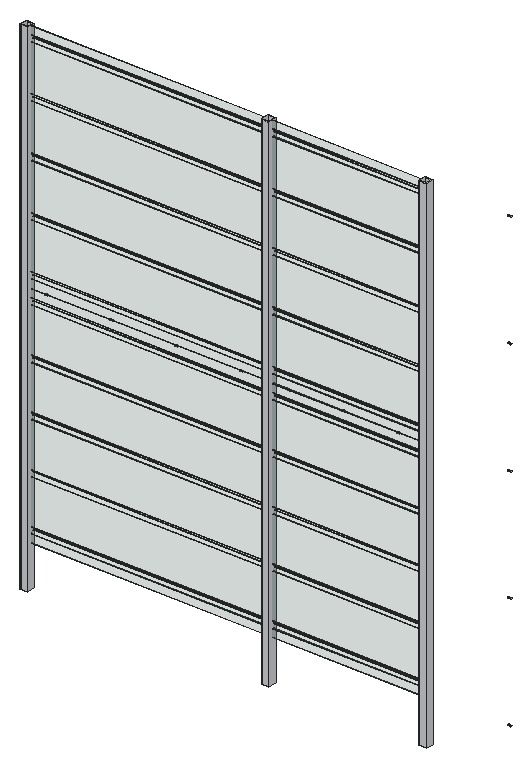
Revit family "Ограждение_Составное_Панель_3D_2400", category Специальное оборудование, Revit 2019
Family settings
  Размер круглого соединителя = Использовать диаметр
  Тип детали = Нормальный
  При загрузке вырезать с полостями = Нет
  Общий = Нет
  Точка расчета площади = Нет
Parameters (values of type "Панель 3000_Под бетон_Столб 100х100")
  Ячейка 50х200 [instance] = not(Ячейка 50х150)  # no
  Ячейка 50х150 [instance] = yes
  Ширина столба = 100 mm
  Ширина резаной [instance] = if(not(Шаг последнего столба - Ширина столба > 0 mm), 1 mm, Шаг последнего столба - Ширина столба)  # 1920 mm
  Ширина панели = 3000 mm
  Ширина 1ой панели [instance] = if([built-in parameter 1001306] < Шаг столбов, 1 mm, Шаг столбов - Ширина столба)  # 3000 mm
  Шаг столбов [instance] = Ширина панели + Ширина столба  # 3100 mm
  Условное обозначение [instance] = no
  Толщина стенки столба [instance] = 3 mm
  Тип крепежа [instance] = 2
  Таблица высот [instance] = "Таблица высот_2400"  # constant formula
  С фланцем под В.О. = not(or(Под бетонирование, С фланцем))  # no
  С фланцем = no
  Показать последний [instance] = yes
  Показать первый [instance] = yes
  Шаг последнего столба [instance] = if(if(not([built-in parameter 1001306] > Шаг столбов), [built-in parameter 1001306], [built-in parameter 1001306] - (rounddown([built-in parameter 1001306] / Шаг столбов) * Шаг столбов)) = 0 mm, Шаг столбов, if(not([built-in parameter 1001306] > Шаг столбов), [built-in parameter 1001306], [built-in parameter 1001306] - (rounddown([built-in parameter 1001306] / Шаг столбов) * Шаг столбов)))  # 2020 mm
  Расчёт ячейки [instance] = if(Ячейка 50х200, 0, 1)  # 1
  Пруток D=6мм [instance] = not(or([Пруток D=4мм], [Пруток D=5мм]))  # no
  Пруток D=5мм [instance] = yes
  Пруток D=4мм [instance] = no
  Показать средний столб [instance] = N панелей = 2  # yes
  Под насадку число [instance] = if(Под насадку, 1, 0)  # 0
  Под насадку [instance] = no
  Под бетонирование = yes
  Отступ панели от основания = 40 mm
  Отступ панели = Ширина столба / 2  # 50 mm
  Инструкция [instance] = "https://docs.google.com/document/d/1Hms8PFiwyIDvWBDE-Iiht7COViz2qMQb2RMvPFaeq4U/edit#heading=h.gjdgxs"
  Изготовитель = [ADSK_Завод-изготовитель]  # "FENSYS"
  built-in parameter 1001306 [instance] = 5120 mm
  Диаметр сваи [instance] = 57 mm
  Группа модели = "Ограждение"  # constant formula
  Глубина столба = 100 mm
  Высота столба [instance] = Отступ панели от основания + Высота нижней панели + Высота верхней панели  # 6000 mm
  Высота сваи [instance] = 1000 mm
  Высота панели [instance] = Ограничитель высоты - 40 mm  # 5960 mm
  Расчет D прутка [instance] = if([Пруток D=4мм], 1, if([Пруток D=5мм], 2, 0))  # 2
  Высота нижней панели [instance] = Ограничитель высоты - Высота верхней панели - 40 mm  # 2930 mm
  Высота межпанельного крепежа [instance] = Высота нижней панели + 40 mm  # 2970 mm
  Ограничитель высоты [instance] = roundup(if(Высота забора < 5000 mm, 5000 mm, if(Высота забора > 6000 mm, 6000 mm, Высота забора)) / 100 mm) * 100 mm  # 6000 mm
  Высота забора [instance] = 6000 mm
  Высота верхней панели [instance] = size_lookup(Таблица высот, "Высота нижней панели", 500 mm, Ограничитель высоты)  # 3030 mm
  Выбор типа основания [instance] = if(Под бетонирование, 1, if(С фланцем, 2, 0))  # 1
  Видимость соединителей первой панели [instance] = and([built-in parameter 1001306] > Шаг столбов, [built-in parameter 1001306] < Шаг столбов * 2)  # yes
  Видимость массива соединителей последней панели [instance] = and(not(Шаг последнего столба - Ширина столба < 1000 mm), not([built-in parameter 1001306] = Шаг столбов * 2))  # yes
  Видимость одного соединителя последней панели [instance] = and(Шаг последнего столба - Ширина столба < 1000 mm, Шаг последнего столба - Ширина столба > 500 mm)  # no
  Видимость массива столбов [instance] = N панелей > 2  # no
  Видимость соединителей массива [instance] = not([built-in parameter 1001306] < Шаг столбов * 2)  # no
  Видимость массива панелей [instance] = N панелей > 2  # no
  Видимость 1ой панели [instance] = N панелей = 2  # yes
  URL = "https://www.fensys.ru/oprosnyy-list/"
  N столбов в массиве [instance] = if((N панелей - 1) < 2, 2, N панелей - 1)  # 2
  N панелей в массиве [instance] = if(N панелей > 2, N панелей - 1, 2)  # 2
  N панелей [instance] = if([built-in parameter 1001306] > Шаг столбов, roundup([built-in parameter 1001306] / Шаг столбов), 1)  # 2
  ADSK_Размер_Длина [instance] = [built-in parameter 1001306]  # 5120 mm
  ADSK_Наименование = "Ограждение составное 3д - Панель 3000_Под бетон_Столб 100х100"
  ADSK_Завод-изготовитель = "FENSYS"  # constant formula
  ADSK_Единица измерения = "м."  # constant formula
Reference planes
  plane 1 "По центру (Вперед/Назад)": y = 0
  plane 2: z = 0
  plane 3 "Слева": x = 0
  plane 4 "Справа": x = 5120
  plane 5 "Верх стойки": z = 6000
  plane 6: x = 3100
  plane 7: x = 6200
  plane 8 "ось предпоследнего столба": x = 3100
  plane 9 "Низ нижней панели": z = 40
  plane 10 "По центру Л/С": z = 2970
Lines and regions (mm)
  reference lines
    curve 1: line (0, 0, 0) -> (5120, 0, 0)
Dimensions and locks
  "built-in parameter 1001306": plane 3 "Слева" to plane 4 "Справа"
  "Ограничитель высоты": plane 5 "Верх стойки" to level
  "Шаг столбов": plane 3 "Слева" to plane 6
  "Шаг столбов": plane 6 to plane 7
  "Шаг последнего столба": plane 8 "ось предпоследнего столба" to plane 4 "Справа"
  group 1 to group 2 = 3100 mm
  group 1 to group 2 = 0 mm  (x2)
  group 3 to group 4 = 3100 mm
  group 3 to group 4 = 0 mm  (x2)
  locked: plane 9 "Низ нижней панели" to plane 2 at 40
  "Высота нижней панели": plane 10 "По центру Л/С" to plane 9 "Низ нижней панели"
  plane 5 "Верх стойки" to plane 9 "Низ нижней панели" = 5960 mm
  group 5 to group 6 = 3100 mm
  group 5 to group 6 = 0 mm  (x2)
  group 7 to group 8 = 3100 mm
  group 7 to group 8 = 0 mm  (x2)
  aligned and locked: plane 4 "Справа" to curve 1
  aligned and locked: plane 1 "По центру (Вперед/Назад)" to curve 1
  aligned and locked: plane 3 "Слева" to curve 1
  aligned and locked: level to plane 2
  aligned and locked: plane 3 "Слева" to nested 1
  aligned and locked: plane 1 "По центру (Вперед/Назад)" to nested 1
  aligned and locked: plane 6 to nested 2
  aligned and locked: curve 1 to nested 2
  aligned and locked: curve 1 to nested 3
  aligned and locked: plane 4 "Справа" to nested 4
  aligned and locked: plane 3 "Слева" to nested 5
  aligned and locked: plane 6 to nested 6
  aligned and locked: plane 1 "По центру (Вперед/Назад)" to nested 5
  aligned and locked: plane 1 "По центру (Вперед/Назад)" to nested 6
  aligned and locked: nested 7 to curve 1
  aligned and locked: plane 1 "По центру (Вперед/Назад)" to nested 7
  aligned and locked: plane 6 to nested 8
  aligned and locked: plane 6 to nested 7
  aligned and locked: plane 9 "Низ нижней панели" to nested 5
  aligned and locked: plane 9 "Низ нижней панели" to nested 8
  aligned and locked: plane 9 "Низ нижней панели" to nested 4
  aligned and locked: plane 9 "Низ нижней панели" to nested 7
  aligned and locked: plane 10 "По центру Л/С" to nested 26
  aligned and locked: plane 4 "Справа" to nested 26
  aligned and locked: nested 3 to plane 4 "Справа"
  aligned and locked: nested 26 to plane 10 "По центру Л/С"
  aligned and locked: plane 5 "Верх стойки" to nested 1  (x2)
  aligned and locked: plane 5 "Верх стойки" to nested 2
  aligned and locked: plane 5 "Верх стойки" to nested 3  (x2)
  aligned and locked: plane 10 "По центру Л/С" to nested 25
  aligned and locked: plane 10 "По центру Л/С" to nested 53
  aligned and locked: plane 7 to nested 44
  aligned and locked: plane 6 to nested 27
  aligned and locked: plane 10 "По центру Л/С" to nested 4  (x2)
  aligned and locked: plane 10 "По центру Л/С" to nested 27
  aligned and locked: nested 27 to plane 10 "По центру Л/С"
  aligned and locked: plane 10 "По центру Л/С" to nested 8  (x2)
  aligned and locked: plane 3 "Слева" to nested 54
  aligned and locked: plane 6 to nested 55
  aligned and locked: plane 8 "ось предпоследнего столба" to nested 56
  aligned and locked: plane 3 "Слева" to nested 57
  aligned and locked: plane 1 "По центру (Вперед/Назад)" to nested 54
  aligned and locked: plane 1 "По центру (Вперед/Назад)" to nested 55
  aligned and locked: plane 1 "По центру (Вперед/Назад)" to nested 56
  aligned and locked: plane 1 "По центру (Вперед/Назад)" to nested 57
  aligned and locked: plane 5 "Верх стойки" to nested 6
Nested families
  nested 1: "В_Столб" at (0, 0, 0), visible <- "Показать первый", ADSK_Размер_Толщина стенки <- "Толщина стенки столба", ADSK_Размер_Глубина <- "Глубина столба", Диаметр сваи <- "Диаметр сваи", Высота сваи <- "Высота сваи", Под бетонирование <- "Под бетонирование", С фланцем <- "С фланцем", С фланцем под в.о. <- "С фланцем под В.О.", ADSK_Размер_Ширина <- "Ширина столба", ADSK_Комплект <- "Группа модели", Под насадку <- "Под насадку", Тип крепежа <- "Тип крепежа", Условное обозначение <- "Условное обозначение", Высота забора <- "Ограничитель высоты", type "Столб"
    with Условное обозначение no, Тип крепежа 2, Таблица "Столб новый", С фланцем под в.о. no, С фланцем no, Под насадку число 1, Под насадку no, Под бетонирование yes, Ограничитель крепежа 2, Крепеж в массиве 5, Длина под бетонирование 500 mm, Диаметр сваи 57 mm, Высота сваи 1000 mm, Высота забора 6000 mm, Выбор типа крепления 1, N крепежа в массиве 12, ADSK_Размер_Ширина 100 mm, ADSK_Размер_Толщина стенки 3 mm, ADSK_Размер_Глубина 100 mm, ADSK_Размер_Высота 6000 mm, ADSK_Обозначение "SI", ADSK_Наименование "Столб ограждения (под насадку): профиль 100x100x3 мм, L= 6000 мм, под бетонирование", ADSK_Масса 55.7, ADSK_Комплект "Ограждение", ADSK_Код изделия "21761N"
  nested 2: "В_Столб" at (3100, 0, 0), visible <- "Показать средний столб", ADSK_Размер_Толщина стенки <- "Толщина стенки столба", ADSK_Размер_Глубина <- "Глубина столба", Диаметр сваи <- "Диаметр сваи", Высота сваи <- "Высота сваи", Под бетонирование <- "Под бетонирование", С фланцем <- "С фланцем", С фланцем под в.о. <- "С фланцем под В.О.", ADSK_Размер_Ширина <- "Ширина столба", ADSK_Комплект <- "Группа модели", Под насадку <- "Под насадку", Тип крепежа <- "Тип крепежа", Условное обозначение <- "Условное обозначение", Высота забора <- "Ограничитель высоты", type "Столб"
    with Условное обозначение no, Тип крепежа 2, Таблица "Столб новый", С фланцем под в.о. no, С фланцем no, Под насадку число 1, Под насадку no, Под бетонирование yes, Ограничитель крепежа 2, Крепеж в массиве 5, Длина под бетонирование 500 mm, Диаметр сваи 57 mm, Высота сваи 1000 mm, Высота забора 6000 mm, Выбор типа крепления 1, N крепежа в массиве 12, ADSK_Размер_Ширина 100 mm, ADSK_Размер_Толщина стенки 3 mm, ADSK_Размер_Глубина 100 mm, ADSK_Размер_Высота 6000 mm, ADSK_Обозначение "SI", ADSK_Наименование "Столб ограждения (под насадку): профиль 100x100x3 мм, L= 6000 мм, под бетонирование", ADSK_Масса 55.7, ADSK_Комплект "Ограждение", ADSK_Код изделия "21761N"
  nested 3: "В_Столб" at (5120, 0, 0), visible <- "Показать последний", ADSK_Размер_Толщина стенки <- "Толщина стенки столба", ADSK_Размер_Глубина <- "Глубина столба", Диаметр сваи <- "Диаметр сваи", Высота сваи <- "Высота сваи", Под бетонирование <- "Под бетонирование", С фланцем <- "С фланцем", С фланцем под в.о. <- "С фланцем под В.О.", ADSK_Размер_Ширина <- "Ширина столба", ADSK_Комплект <- "Группа модели", Под насадку <- "Под насадку", Тип крепежа <- "Тип крепежа", Условное обозначение <- "Условное обозначение", Высота забора <- "Ограничитель высоты", type "Столб"
    with Условное обозначение no, Тип крепежа 2, Таблица "Столб новый", С фланцем под в.о. no, С фланцем no, Под насадку число 1, Под насадку no, Под бетонирование yes, Ограничитель крепежа 2, Крепеж в массиве 5, Длина под бетонирование 500 mm, Диаметр сваи 57 mm, Высота сваи 1000 mm, Высота забора 6000 mm, Выбор типа крепления 1, N крепежа в массиве 12, ADSK_Размер_Ширина 100 mm, ADSK_Размер_Толщина стенки 3 mm, ADSK_Размер_Глубина 100 mm, ADSK_Размер_Высота 6000 mm, ADSK_Обозначение "SI", ADSK_Наименование "Столб ограждения (под насадку): профиль 100x100x3 мм, L= 6000 мм, под бетонирование", ADSK_Масса 55.7, ADSK_Комплект "Ограждение", ADSK_Код изделия "21761N"
  nested 4: "В_Панель" at (3100, 0, 0), ADSK_Размер_Высота <- "Высота нижней панели", Отступ панели от основания <- "Отступ панели от основания", Отступ панели <- "Отступ панели", Размер ячейки <- "Расчёт ячейки", Размер прутка <- "Расчет D прутка", ADSK_Размер_Ширина <- "Ширина резаной", Тип крепежа <- "Тип крепежа", ADSK_Комплект <- "Группа модели", type "Панель 2500"
    with Тип крепежа 2, Таблица масса "Панель масса", Расчетная длина 2020 mm, Размер ячейки 1, Размер прутка 2, Отступ панели от основания 40 mm, Отступ панели 50 mm, Высота дубляж 2830 mm, Высота V5 2930 mm, Высота V4 2830 mm, Высота V3 1930 mm, Высота V2 1430 mm, V5 yes, V4 no, V3 no, V2 no, ADSK_Размер_Ширина 1920 mm, ADSK_Размер_Высота 2930 mm, ADSK_Примечание "", ADSK_Обозначение "GUARD-G", ADSK_Наименование "Панель под подрезку", ADSK_Масса 0, ADSK_Комплект "Ограждение", ADSK_Код изделия " "
  nested 5: "В_Панель" at (0, 0, 0), ADSK_Размер_Высота <- "Высота нижней панели", Отступ панели от основания <- "Отступ панели от основания", Отступ панели <- "Отступ панели", visible <- "Видимость массива панелей", Размер ячейки <- "Расчёт ячейки", Размер прутка <- "Расчет D прутка", Тип крепежа <- "Тип крепежа", ADSK_Комплект <- "Группа модели", ADSK_Размер_Ширина <- "Ширина панели", type "Панель 2500"
    with Тип крепежа 2, Таблица масса "Панель масса", Расчетная длина 3100 mm, Размер ячейки 1, Размер прутка 2, Отступ панели от основания 40 mm, Отступ панели 50 mm, Высота дубляж 2830 mm, Высота V5 2930 mm, Высота V4 2830 mm, Высота V3 1930 mm, Высота V2 1430 mm, V5 yes, V4 no, V3 no, V2 no, ADSK_Размер_Ширина 3000 mm, ADSK_Размер_Высота 2930 mm, ADSK_Примечание "", ADSK_Обозначение "GUARD-G", ADSK_Наименование "Панель под подрезку", ADSK_Масса 0, ADSK_Комплект "Ограждение", ADSK_Код изделия " "
  nested 6: "В_Столб" at (3100, 0, 0), visible <- "Видимость массива столбов", ADSK_Размер_Толщина стенки <- "Толщина стенки столба", ADSK_Размер_Глубина <- "Глубина столба", Диаметр сваи <- "Диаметр сваи", Высота сваи <- "Высота сваи", Под бетонирование <- "Под бетонирование", С фланцем <- "С фланцем", С фланцем под в.о. <- "С фланцем под В.О.", ADSK_Размер_Ширина <- "Ширина столба", ADSK_Комплект <- "Группа модели", Под насадку <- "Под насадку", Тип крепежа <- "Тип крепежа", Условное обозначение <- "Условное обозначение", Высота забора <- "Ограничитель высоты", type "Столб"
    with Условное обозначение no, Тип крепежа 2, Таблица "Столб новый", С фланцем под в.о. no, С фланцем no, Под насадку число 1, Под насадку no, Под бетонирование yes, Ограничитель крепежа 2, Крепеж в массиве 5, Длина под бетонирование 500 mm, Диаметр сваи 57 mm, Высота сваи 1000 mm, Высота забора 6000 mm, Выбор типа крепления 1, N крепежа в массиве 12, ADSK_Размер_Ширина 100 mm, ADSK_Размер_Толщина стенки 3 mm, ADSK_Размер_Глубина 100 mm, ADSK_Размер_Высота 6000 mm, ADSK_Обозначение "SI", ADSK_Наименование "Столб ограждения (под насадку): профиль 100x100x3 мм, L= 6000 мм, под бетонирование", ADSK_Масса 55.7, ADSK_Комплект "Ограждение", ADSK_Код изделия "21761N"
  nested 7: "В_Панель" at (0, 0, 0), ADSK_Размер_Высота <- "Высота нижней панели", Отступ панели от основания <- "Отступ панели от основания", Отступ панели <- "Отступ панели", visible <- "Видимость 1ой панели", Размер ячейки <- "Расчёт ячейки", Размер прутка <- "Расчет D прутка", Тип крепежа <- "Тип крепежа", ADSK_Комплект <- "Группа модели", ADSK_Размер_Ширина <- "Ширина 1ой панели", type "Панель 2500"
    with Тип крепежа 2, Таблица масса "Панель масса", Расчетная длина 3100 mm, Размер ячейки 1, Размер прутка 2, Отступ панели от основания 40 mm, Отступ панели 50 mm, Высота дубляж 2830 mm, Высота V5 2930 mm, Высота V4 2830 mm, Высота V3 1930 mm, Высота V2 1430 mm, V5 yes, V4 no, V3 no, V2 no, ADSK_Размер_Ширина 3000 mm, ADSK_Размер_Высота 2930 mm, ADSK_Примечание "", ADSK_Обозначение "GUARD-G", ADSK_Наименование "Панель под подрезку", ADSK_Масса 0, ADSK_Комплект "Ограждение", ADSK_Код изделия " "
  nested 8: "В_Панель" at (3100, 0, 0), ADSK_Размер_Высота <- "Высота нижней панели", Отступ панели от основания <- "Отступ панели от основания", Отступ панели <- "Отступ панели", visible <- "Видимость массива панелей", Размер ячейки <- "Расчёт ячейки", Размер прутка <- "Расчет D прутка", Тип крепежа <- "Тип крепежа", ADSK_Комплект <- "Группа модели", ADSK_Размер_Ширина <- "Ширина панели", type "Панель 2500"
    with Тип крепежа 2, Таблица масса "Панель масса", Расчетная длина 3100 mm, Размер ячейки 1, Размер прутка 2, Отступ панели от основания 40 mm, Отступ панели 50 mm, Высота дубляж 2830 mm, Высота V5 2930 mm, Высота V4 2830 mm, Высота V3 1930 mm, Высота V2 1430 mm, V5 yes, V4 no, V3 no, V2 no, ADSK_Размер_Ширина 3000 mm, ADSK_Размер_Высота 2930 mm, ADSK_Примечание "", ADSK_Обозначение "GUARD-G", ADSK_Наименование "Панель под подрезку", ADSK_Масса 0, ADSK_Комплект "Ограждение", ADSK_Код изделия " "
  nested 9: "В_Крепеж" at (0, 0, 5965), type "Крепеж"
    with Ширина столба 0 mm, Тип крепежа 2, Путь к таблице "Таблица крепежей", Видимость метизов yes, Y насадка no, ADSK_Обозначение "Крепеж", ADSK_Наименование "Скоба F50", ADSK_Комплект "Ограждение", ADSK_Количество 1, ADSK_Код изделия "8903K"
  nested 10: "В_Крепеж" at (0, 0, 104.903), type "Крепеж"
    with Ширина столба 0 mm, Тип крепежа 2, Путь к таблице "Таблица крепежей", Видимость метизов yes, Y насадка no, ADSK_Обозначение "Крепеж", ADSK_Наименование "Скоба F50", ADSK_Комплект "Ограждение", ADSK_Количество 1, ADSK_Код изделия "8903K"
  nested 11: "В_Крепеж" at (3100, 0, 5965), type "Крепеж"
    with Ширина столба 0 mm, Тип крепежа 2, Путь к таблице "Таблица крепежей", Видимость метизов yes, Y насадка no, ADSK_Обозначение "Крепеж", ADSK_Наименование "Скоба F50", ADSK_Комплект "Ограждение", ADSK_Количество 1, ADSK_Код изделия "8903K"
  nested 12: "В_Крепеж" at (3100, 0, 104.903), type "Крепеж"
    with Ширина столба 0 mm, Тип крепежа 2, Путь к таблице "Таблица крепежей", Видимость метизов yes, Y насадка no, ADSK_Обозначение "Крепеж", ADSK_Наименование "Скоба F50", ADSK_Комплект "Ограждение", ADSK_Количество 1, ADSK_Код изделия "8903K"
  nested 13: "В_Крепеж" at (5120, 0, 5965), type "Крепеж"
    with Ширина столба 0 mm, Тип крепежа 2, Путь к таблице "Таблица крепежей", Видимость метизов yes, Y насадка no, ADSK_Обозначение "Крепеж", ADSK_Наименование "Скоба F50", ADSK_Комплект "Ограждение", ADSK_Количество 1, ADSK_Код изделия "8903K"
  nested 14: "В_Крепеж" at (5120, 0, 104.903), type "Крепеж"
    with Ширина столба 0 mm, Тип крепежа 2, Путь к таблице "Таблица крепежей", Видимость метизов yes, Y насадка no, ADSK_Обозначение "Крепеж", ADSK_Наименование "Скоба F50", ADSK_Комплект "Ограждение", ADSK_Количество 1, ADSK_Код изделия "8903K"
  nested 15: "В_Крепеж" at (3100, 0, 5965), type "Крепеж"
    with Ширина столба 0 mm, Тип крепежа 2, Путь к таблице "Таблица крепежей", Видимость метизов yes, Y насадка no, ADSK_Обозначение "Крепеж", ADSK_Наименование "Скоба F50", ADSK_Комплект "Ограждение", ADSK_Количество 1, ADSK_Код изделия "8903K"
  nested 16: "В_Крепеж" at (3100, 0, 104.903), type "Крепеж"
    with Ширина столба 0 mm, Тип крепежа 2, Путь к таблице "Таблица крепежей", Видимость метизов yes, Y насадка no, ADSK_Обозначение "Крепеж", ADSK_Наименование "Скоба F50", ADSK_Комплект "Ограждение", ADSK_Количество 1, ADSK_Код изделия "8903K"
  nested 17: "В_Метизы" at (20, 0, 5965), type "Метизы"
    with Тип крепежа 2, Путь к таблице "Таблица метизов", ADSK_Наименование "Комплект метизов «В» для крепления скобы из нержавеющей стали (Винт М8х30 ISO 7380 А2   - 4 шт., Шайба D8 DIN 125 А2-70 - 4 шт.,Шайба 8 DIN 127 нерж.)", ADSK_Комплект "Ограждение", ADSK_Количество 1, ADSK_Код изделия "8923"
  nested 18: "В_Метизы" at (20, 0, 104.903), type "Метизы"
    with Тип крепежа 2, Путь к таблице "Таблица метизов", ADSK_Наименование "Комплект метизов «В» для крепления скобы из нержавеющей стали (Винт М8х30 ISO 7380 А2   - 4 шт., Шайба D8 DIN 125 А2-70 - 4 шт.,Шайба 8 DIN 127 нерж.)", ADSK_Комплект "Ограждение", ADSK_Количество 1, ADSK_Код изделия "8923"
  nested 19: "В_Метизы" at (3120, 0, 5965), type "Метизы"
    with Тип крепежа 2, Путь к таблице "Таблица метизов", ADSK_Наименование "Комплект метизов «В» для крепления скобы из нержавеющей стали (Винт М8х30 ISO 7380 А2   - 4 шт., Шайба D8 DIN 125 А2-70 - 4 шт.,Шайба 8 DIN 127 нерж.)", ADSK_Комплект "Ограждение", ADSK_Количество 1, ADSK_Код изделия "8923"
  nested 20: "В_Метизы" at (3120, 0, 104.903), type "Метизы"
    with Тип крепежа 2, Путь к таблице "Таблица метизов", ADSK_Наименование "Комплект метизов «В» для крепления скобы из нержавеющей стали (Винт М8х30 ISO 7380 А2   - 4 шт., Шайба D8 DIN 125 А2-70 - 4 шт.,Шайба 8 DIN 127 нерж.)", ADSK_Комплект "Ограждение", ADSK_Количество 1, ADSK_Код изделия "8923"
  nested 21: "В_Метизы" at (5140, 0, 5965), type "Метизы"
    with Тип крепежа 2, Путь к таблице "Таблица метизов", ADSK_Наименование "Комплект метизов «В» для крепления скобы из нержавеющей стали (Винт М8х30 ISO 7380 А2   - 4 шт., Шайба D8 DIN 125 А2-70 - 4 шт.,Шайба 8 DIN 127 нерж.)", ADSK_Комплект "Ограждение", ADSK_Количество 1, ADSK_Код изделия "8923"
  nested 22: "В_Метизы" at (5140, 0, 104.903), type "Метизы"
    with Тип крепежа 2, Путь к таблице "Таблица метизов", ADSK_Наименование "Комплект метизов «В» для крепления скобы из нержавеющей стали (Винт М8х30 ISO 7380 А2   - 4 шт., Шайба D8 DIN 125 А2-70 - 4 шт.,Шайба 8 DIN 127 нерж.)", ADSK_Комплект "Ограждение", ADSK_Количество 1, ADSK_Код изделия "8923"
  nested 23: "В_Метизы" at (3120, 0, 5965), type "Метизы"
    with Тип крепежа 2, Путь к таблице "Таблица метизов", ADSK_Наименование "Комплект метизов «В» для крепления скобы из нержавеющей стали (Винт М8х30 ISO 7380 А2   - 4 шт., Шайба D8 DIN 125 А2-70 - 4 шт.,Шайба 8 DIN 127 нерж.)", ADSK_Комплект "Ограждение", ADSK_Количество 1, ADSK_Код изделия "8923"
  nested 24: "В_Метизы" at (3120, 0, 104.903), type "Метизы"
    with Тип крепежа 2, Путь к таблице "Таблица метизов", ADSK_Наименование "Комплект метизов «В» для крепления скобы из нержавеющей стали (Винт М8х30 ISO 7380 А2   - 4 шт., Шайба D8 DIN 125 А2-70 - 4 шт.,Шайба 8 DIN 127 нерж.)", ADSK_Комплект "Ограждение", ADSK_Количество 1, ADSK_Код изделия "8923"
  nested 25: "В_Панель" at (0, 0, 2930), ADSK_Размер_Высота <- "Высота верхней панели", Отступ панели от основания <- "Отступ панели от основания", Отступ панели <- "Отступ панели", visible <- "Видимость массива панелей", Размер ячейки <- "Расчёт ячейки", Размер прутка <- "Расчет D прутка", Тип крепежа <- "Тип крепежа", ADSK_Комплект <- "Группа модели", ADSK_Размер_Ширина <- "Ширина панели", type "Панель 2500"
    with Тип крепежа 2, Таблица масса "Панель масса", Расчетная длина 3100 mm, Размер ячейки 1, Размер прутка 2, Отступ панели от основания 40 mm, Отступ панели 50 mm, Высота дубляж 2830 mm, Высота V5 3030 mm, Высота V4 2830 mm, Высота V3 1930 mm, Высота V2 1430 mm, V5 yes, V4 no, V3 no, V2 no, ADSK_Размер_Ширина 3000 mm, ADSK_Размер_Высота 3030 mm, ADSK_Примечание "", ADSK_Обозначение "GUARD-G", ADSK_Наименование "Панель под подрезку", ADSK_Масса 0, ADSK_Комплект "Ограждение", ADSK_Код изделия " "
  nested 26: "В_Панель" at (3100, 0, 2930), ADSK_Размер_Высота <- "Высота верхней панели", Отступ панели от основания <- "Отступ панели от основания", Отступ панели <- "Отступ панели", Размер ячейки <- "Расчёт ячейки", Размер прутка <- "Расчет D прутка", ADSK_Размер_Ширина <- "Ширина резаной", Тип крепежа <- "Тип крепежа", ADSK_Комплект <- "Группа модели", type "Панель 2500"
    with Тип крепежа 2, Таблица масса "Панель масса", Расчетная длина 2020 mm, Размер ячейки 1, Размер прутка 2, Отступ панели от основания 40 mm, Отступ панели 50 mm, Высота дубляж 2830 mm, Высота V5 3030 mm, Высота V4 2830 mm, Высота V3 1930 mm, Высота V2 1430 mm, V5 yes, V4 no, V3 no, V2 no, ADSK_Размер_Ширина 1920 mm, ADSK_Размер_Высота 3030 mm, ADSK_Примечание "", ADSK_Обозначение "GUARD-G", ADSK_Наименование "Панель под подрезку", ADSK_Масса 0, ADSK_Комплект "Ограждение", ADSK_Код изделия " "
  nested 27: "В_Панель" at (3100, 0, 2930), ADSK_Размер_Высота <- "Высота верхней панели", Отступ панели от основания <- "Отступ панели от основания", Отступ панели <- "Отступ панели", visible <- "Видимость массива панелей", Размер ячейки <- "Расчёт ячейки", Размер прутка <- "Расчет D прутка", Тип крепежа <- "Тип крепежа", ADSK_Комплект <- "Группа модели", ADSK_Размер_Ширина <- "Ширина панели", type "Панель 2500"
    with Тип крепежа 2, Таблица масса "Панель масса", Расчетная длина 3100 mm, Размер ячейки 1, Размер прутка 2, Отступ панели от основания 40 mm, Отступ панели 50 mm, Высота дубляж 2830 mm, Высота V5 3030 mm, Высота V4 2830 mm, Высота V3 1930 mm, Высота V2 1430 mm, V5 yes, V4 no, V3 no, V2 no, ADSK_Размер_Ширина 3000 mm, ADSK_Размер_Высота 3030 mm, ADSK_Примечание "", ADSK_Обозначение "GUARD-G", ADSK_Наименование "Панель под подрезку", ADSK_Масса 0, ADSK_Комплект "Ограждение", ADSK_Код изделия " "
  nested 28: "В_Крепеж" at (0, 0, 1569.928), type "Крепеж"
    with Ширина столба 0 mm, Тип крепежа 2, Путь к таблице "Таблица крепежей", Видимость метизов yes, Y насадка no, ADSK_Обозначение "Крепеж", ADSK_Наименование "Скоба F50", ADSK_Комплект "Ограждение", ADSK_Количество 1, ADSK_Код изделия "8903K"
  nested 29: "В_Метизы" at (20, 0, 1569.928), type "Метизы"
    with Тип крепежа 2, Путь к таблице "Таблица метизов", ADSK_Наименование "Комплект метизов «В» для крепления скобы из нержавеющей стали (Винт М8х30 ISO 7380 А2   - 4 шт., Шайба D8 DIN 125 А2-70 - 4 шт.,Шайба 8 DIN 127 нерж.)", ADSK_Комплект "Ограждение", ADSK_Количество 1, ADSK_Код изделия "8923"
  nested 30: "В_Крепеж" at (3100, 0, 1569.928), type "Крепеж"
    with Ширина столба 0 mm, Тип крепежа 2, Путь к таблице "Таблица крепежей", Видимость метизов yes, Y насадка no, ADSK_Обозначение "Крепеж", ADSK_Наименование "Скоба F50", ADSK_Комплект "Ограждение", ADSK_Количество 1, ADSK_Код изделия "8903K"
  nested 31: "В_Метизы" at (3120, 0, 1569.928), type "Метизы"
    with Тип крепежа 2, Путь к таблице "Таблица метизов", ADSK_Наименование "Комплект метизов «В» для крепления скобы из нержавеющей стали (Винт М8х30 ISO 7380 А2   - 4 шт., Шайба D8 DIN 125 А2-70 - 4 шт.,Шайба 8 DIN 127 нерж.)", ADSK_Комплект "Ограждение", ADSK_Количество 1, ADSK_Код изделия "8923"
  nested 32: "В_Крепеж" at (3100, 0, 1569.928), type "Крепеж"
    with Ширина столба 0 mm, Тип крепежа 2, Путь к таблице "Таблица крепежей", Видимость метизов yes, Y насадка no, ADSK_Обозначение "Крепеж", ADSK_Наименование "Скоба F50", ADSK_Комплект "Ограждение", ADSK_Количество 1, ADSK_Код изделия "8903K"
  nested 33: "В_Метизы" at (3120, 0, 1569.928), type "Метизы"
    with Тип крепежа 2, Путь к таблице "Таблица метизов", ADSK_Наименование "Комплект метизов «В» для крепления скобы из нержавеющей стали (Винт М8х30 ISO 7380 А2   - 4 шт., Шайба D8 DIN 125 А2-70 - 4 шт.,Шайба 8 DIN 127 нерж.)", ADSK_Комплект "Ограждение", ADSK_Количество 1, ADSK_Код изделия "8923"
  nested 34: "В_Крепеж" at (0, 0, 3034.952), type "Крепеж"
    with Ширина столба 0 mm, Тип крепежа 2, Путь к таблице "Таблица крепежей", Видимость метизов yes, Y насадка no, ADSK_Обозначение "Крепеж", ADSK_Наименование "Скоба F50", ADSK_Комплект "Ограждение", ADSK_Количество 1, ADSK_Код изделия "8903K"
  nested 35: "В_Метизы" at (20, 0, 3034.952), type "Метизы"
    with Тип крепежа 2, Путь к таблице "Таблица метизов", ADSK_Наименование "Комплект метизов «В» для крепления скобы из нержавеющей стали (Винт М8х30 ISO 7380 А2   - 4 шт., Шайба D8 DIN 125 А2-70 - 4 шт.,Шайба 8 DIN 127 нерж.)", ADSK_Комплект "Ограждение", ADSK_Количество 1, ADSK_Код изделия "8923"
  nested 36: "В_Крепеж" at (3100, 0, 3034.952), type "Крепеж"
    with Ширина столба 0 mm, Тип крепежа 2, Путь к таблице "Таблица крепежей", Видимость метизов yes, Y насадка no, ADSK_Обозначение "Крепеж", ADSK_Наименование "Скоба F50", ADSK_Комплект "Ограждение", ADSK_Количество 1, ADSK_Код изделия "8903K"
  nested 37: "В_Метизы" at (3120, 0, 3034.952), type "Метизы"
    with Тип крепежа 2, Путь к таблице "Таблица метизов", ADSK_Наименование "Комплект метизов «В» для крепления скобы из нержавеющей стали (Винт М8х30 ISO 7380 А2   - 4 шт., Шайба D8 DIN 125 А2-70 - 4 шт.,Шайба 8 DIN 127 нерж.)", ADSK_Комплект "Ограждение", ADSK_Количество 1, ADSK_Код изделия "8923"
  nested 38: "В_Крепеж" at (5120, 0, 3034.952), type "Крепеж"
    with Ширина столба 0 mm, Тип крепежа 2, Путь к таблице "Таблица крепежей", Видимость метизов yes, Y насадка no, ADSK_Обозначение "Крепеж", ADSK_Наименование "Скоба F50", ADSK_Комплект "Ограждение", ADSK_Количество 1, ADSK_Код изделия "8903K"
  nested 39: "В_Крепеж" at (5120, 0, 1569.928), type "Крепеж"
    with Ширина столба 0 mm, Тип крепежа 2, Путь к таблице "Таблица крепежей", Видимость метизов yes, Y насадка no, ADSK_Обозначение "Крепеж", ADSK_Наименование "Скоба F50", ADSK_Комплект "Ограждение", ADSK_Количество 1, ADSK_Код изделия "8903K"
  nested 40: "В_Метизы" at (5140, 0, 3034.952), type "Метизы"
    with Тип крепежа 2, Путь к таблице "Таблица метизов", ADSK_Наименование "Комплект метизов «В» для крепления скобы из нержавеющей стали (Винт М8х30 ISO 7380 А2   - 4 шт., Шайба D8 DIN 125 А2-70 - 4 шт.,Шайба 8 DIN 127 нерж.)", ADSK_Комплект "Ограждение", ADSK_Количество 1, ADSK_Код изделия "8923"
  nested 41: "В_Метизы" at (5140, 0, 1569.928), type "Метизы"
    with Тип крепежа 2, Путь к таблице "Таблица метизов", ADSK_Наименование "Комплект метизов «В» для крепления скобы из нержавеющей стали (Винт М8х30 ISO 7380 А2   - 4 шт., Шайба D8 DIN 125 А2-70 - 4 шт.,Шайба 8 DIN 127 нерж.)", ADSK_Комплект "Ограждение", ADSK_Количество 1, ADSK_Код изделия "8923"
  nested 42: "В_Крепеж" at (3100, 0, 3034.952), type "Крепеж"
    with Ширина столба 0 mm, Тип крепежа 2, Путь к таблице "Таблица крепежей", Видимость метизов yes, Y насадка no, ADSK_Обозначение "Крепеж", ADSK_Наименование "Скоба F50", ADSK_Комплект "Ограждение", ADSK_Количество 1, ADSK_Код изделия "8903K"
  nested 43: "В_Метизы" at (3120, 0, 3034.952), type "Метизы"
    with Тип крепежа 2, Путь к таблице "Таблица метизов", ADSK_Наименование "Комплект метизов «В» для крепления скобы из нержавеющей стали (Винт М8х30 ISO 7380 А2   - 4 шт., Шайба D8 DIN 125 А2-70 - 4 шт.,Шайба 8 DIN 127 нерж.)", ADSK_Комплект "Ограждение", ADSK_Количество 1, ADSK_Код изделия "8923"
  nested 44: "В_Столб" at (6200, 0, 0), visible <- "Видимость массива столбов", ADSK_Размер_Толщина стенки <- "Толщина стенки столба", ADSK_Размер_Глубина <- "Глубина столба", Диаметр сваи <- "Диаметр сваи", Высота сваи <- "Высота сваи", Под бетонирование <- "Под бетонирование", С фланцем <- "С фланцем", С фланцем под в.о. <- "С фланцем под В.О.", ADSK_Размер_Ширина <- "Ширина столба", ADSK_Комплект <- "Группа модели", Под насадку <- "Под насадку", Тип крепежа <- "Тип крепежа", Условное обозначение <- "Условное обозначение", Высота забора <- "Ограничитель высоты", type "Столб"
    with Условное обозначение no, Тип крепежа 2, Таблица "Столб новый", С фланцем под в.о. no, С фланцем no, Под насадку число 1, Под насадку no, Под бетонирование yes, Ограничитель крепежа 2, Крепеж в массиве 5, Длина под бетонирование 500 mm, Диаметр сваи 57 mm, Высота сваи 1000 mm, Высота забора 6000 mm, Выбор типа крепления 1, N крепежа в массиве 12, ADSK_Размер_Ширина 100 mm, ADSK_Размер_Толщина стенки 3 mm, ADSK_Размер_Глубина 100 mm, ADSK_Размер_Высота 6000 mm, ADSK_Обозначение "SI", ADSK_Наименование "Столб ограждения (под насадку): профиль 100x100x3 мм, L= 6000 мм, под бетонирование", ADSK_Масса 55.7, ADSK_Комплект "Ограждение", ADSK_Код изделия "21761N"
  nested 45: "В_Крепеж" at (6200, 0, 5965), type "Крепеж"
    with Ширина столба 0 mm, Тип крепежа 2, Путь к таблице "Таблица крепежей", Видимость метизов yes, Y насадка no, ADSK_Обозначение "Крепеж", ADSK_Наименование "Скоба F50", ADSK_Комплект "Ограждение", ADSK_Количество 1, ADSK_Код изделия "8903K"
  nested 46: "В_Крепеж" at (6200, 0, 104.903), type "Крепеж"
    with Ширина столба 0 mm, Тип крепежа 2, Путь к таблице "Таблица крепежей", Видимость метизов yes, Y насадка no, ADSK_Обозначение "Крепеж", ADSK_Наименование "Скоба F50", ADSK_Комплект "Ограждение", ADSK_Количество 1, ADSK_Код изделия "8903K"
  nested 47: "В_Метизы" at (6220, 0, 5965), type "Метизы"
    with Тип крепежа 2, Путь к таблице "Таблица метизов", ADSK_Наименование "Комплект метизов «В» для крепления скобы из нержавеющей стали (Винт М8х30 ISO 7380 А2   - 4 шт., Шайба D8 DIN 125 А2-70 - 4 шт.,Шайба 8 DIN 127 нерж.)", ADSK_Комплект "Ограждение", ADSK_Количество 1, ADSK_Код изделия "8923"
  nested 48: "В_Метизы" at (6220, 0, 104.903), type "Метизы"
    with Тип крепежа 2, Путь к таблице "Таблица метизов", ADSK_Наименование "Комплект метизов «В» для крепления скобы из нержавеющей стали (Винт М8х30 ISO 7380 А2   - 4 шт., Шайба D8 DIN 125 А2-70 - 4 шт.,Шайба 8 DIN 127 нерж.)", ADSK_Комплект "Ограждение", ADSK_Количество 1, ADSK_Код изделия "8923"
  nested 49: "В_Крепеж" at (6200, 0, 1569.928), type "Крепеж"
    with Ширина столба 0 mm, Тип крепежа 2, Путь к таблице "Таблица крепежей", Видимость метизов yes, Y насадка no, ADSK_Обозначение "Крепеж", ADSK_Наименование "Скоба F50", ADSK_Комплект "Ограждение", ADSK_Количество 1, ADSK_Код изделия "8903K"
  nested 50: "В_Метизы" at (6220, 0, 1569.928), type "Метизы"
    with Тип крепежа 2, Путь к таблице "Таблица метизов", ADSK_Наименование "Комплект метизов «В» для крепления скобы из нержавеющей стали (Винт М8х30 ISO 7380 А2   - 4 шт., Шайба D8 DIN 125 А2-70 - 4 шт.,Шайба 8 DIN 127 нерж.)", ADSK_Комплект "Ограждение", ADSK_Количество 1, ADSK_Код изделия "8923"
  nested 51: "В_Крепеж" at (6200, 0, 3034.952), type "Крепеж"
    with Ширина столба 0 mm, Тип крепежа 2, Путь к таблице "Таблица крепежей", Видимость метизов yes, Y насадка no, ADSK_Обозначение "Крепеж", ADSK_Наименование "Скоба F50", ADSK_Комплект "Ограждение", ADSK_Количество 1, ADSK_Код изделия "8903K"
  nested 52: "В_Метизы" at (6220, 0, 3034.952), type "Метизы"
    with Тип крепежа 2, Путь к таблице "Таблица метизов", ADSK_Наименование "Комплект метизов «В» для крепления скобы из нержавеющей стали (Винт М8х30 ISO 7380 А2   - 4 шт., Шайба D8 DIN 125 А2-70 - 4 шт.,Шайба 8 DIN 127 нерж.)", ADSK_Комплект "Ограждение", ADSK_Количество 1, ADSK_Код изделия "8923"
  nested 53: "В_Панель" at (0, 0, 2930), ADSK_Размер_Высота <- "Высота верхней панели", Отступ панели от основания <- "Отступ панели от основания", Отступ панели <- "Отступ панели", visible <- "Видимость 1ой панели", Размер ячейки <- "Расчёт ячейки", Размер прутка <- "Расчет D прутка", Тип крепежа <- "Тип крепежа", ADSK_Комплект <- "Группа модели", ADSK_Размер_Ширина <- "Ширина 1ой панели", type "Панель 2500"
    with Тип крепежа 2, Таблица масса "Панель масса", Расчетная длина 3100 mm, Размер ячейки 1, Размер прутка 2, Отступ панели от основания 40 mm, Отступ панели 50 mm, Высота дубляж 2830 mm, Высота V5 3030 mm, Высота V4 2830 mm, Высота V3 1930 mm, Высота V2 1430 mm, V5 yes, V4 no, V3 no, V2 no, ADSK_Размер_Ширина 3000 mm, ADSK_Размер_Высота 3030 mm, ADSK_Примечание "", ADSK_Обозначение "GUARD-G", ADSK_Наименование "Панель под подрезку", ADSK_Масса 0, ADSK_Комплект "Ограждение", ADSK_Код изделия " "
  nested 54: "В_Крепеж_межпанельный" at (1500, 0, 2970), Шаг столбов <- "Шаг столбов", Ширина столба <- "Ширина столба", Видимость массива <- "Видимость соединителей массива", built-in parameter 1001364 <- "Высота межпанельного крепежа", type "В_Крепеж_межпанельный"
    with Ширина столба 100 mm, Шаг столбов 3100 mm, Тип крепежа 1, Ограничитель длины 3000 mm, Длина панели 3000 mm, Видимость одного крепежа no, Видимость массива no, N межпанельно крепежа 4, ADSK_Комплект "Ограждение"
  nested 55: "В_Крепеж_межпанельный" at (4600, 0, 2970), Шаг столбов <- "Шаг столбов", Ширина столба <- "Ширина столба", Видимость массива <- "Видимость соединителей массива", built-in parameter 1001364 <- "Высота межпанельного крепежа", type "В_Крепеж_межпанельный"
    with Ширина столба 100 mm, Шаг столбов 3100 mm, Тип крепежа 1, Ограничитель длины 3000 mm, Длина панели 3000 mm, Видимость одного крепежа no, Видимость массива no, N межпанельно крепежа 4, ADSK_Комплект "Ограждение"
  nested 56: "В_Крепеж_межпанельный" at (4060, 0, 2970), Шаг столбов <- "Шаг последнего столба", Ширина столба <- "Ширина столба", Видимость массива <- "Видимость массива соединителей последней панели", Видимость одного крепежа <- "Видимость одного соединителя последней панели", built-in parameter 1001364 <- "Высота межпанельного крепежа", type "В_Крепеж_межпанельный"
    with Ширина столба 100 mm, Шаг столбов 2020 mm, Тип крепежа 1, Ограничитель длины 1920 mm, Длина панели 1920 mm, Видимость одного крепежа no, Видимость массива yes, N межпанельно крепежа 3, ADSK_Комплект "Ограждение"
  nested 57: "В_Крепеж_межпанельный" at (1500, 0, 2970), Видимость массива <- "Видимость соединителей первой панели", Шаг столбов <- "Шаг столбов", Ширина столба <- "Ширина столба", built-in parameter 1001364 <- "Высота межпанельного крепежа", type "В_Крепеж_межпанельный"
    with Ширина столба 100 mm, Шаг столбов 3100 mm, Тип крепежа 1, Ограничитель длины 3000 mm, Длина панели 3000 mm, Видимость одного крепежа no, Видимость массива yes, N межпанельно крепежа 4, ADSK_Комплект "Ограждение"
  nested 58: "В_Крепеж" at (0, 0, 4499.976), type "Крепеж"
    with Ширина столба 0 mm, Тип крепежа 2, Путь к таблице "Таблица крепежей", Видимость метизов yes, Y насадка no, ADSK_Обозначение "Крепеж", ADSK_Наименование "Скоба F50", ADSK_Комплект "Ограждение", ADSK_Количество 1, ADSK_Код изделия "8903K"
  nested 59: "В_Метизы" at (20, 0, 4499.976), type "Метизы"
    with Тип крепежа 2, Путь к таблице "Таблица метизов", ADSK_Наименование "Комплект метизов «В» для крепления скобы из нержавеющей стали (Винт М8х30 ISO 7380 А2   - 4 шт., Шайба D8 DIN 125 А2-70 - 4 шт.,Шайба 8 DIN 127 нерж.)", ADSK_Комплект "Ограждение", ADSK_Количество 1, ADSK_Код изделия "8923"
  nested 60: "В_Крепеж" at (3100, 0, 4499.976), type "Крепеж"
    with Ширина столба 0 mm, Тип крепежа 2, Путь к таблице "Таблица крепежей", Видимость метизов yes, Y насадка no, ADSK_Обозначение "Крепеж", ADSK_Наименование "Скоба F50", ADSK_Комплект "Ограждение", ADSK_Количество 1, ADSK_Код изделия "8903K"
  nested 61: "В_Метизы" at (3120, 0, 4499.976), type "Метизы"
    with Тип крепежа 2, Путь к таблице "Таблица метизов", ADSK_Наименование "Комплект метизов «В» для крепления скобы из нержавеющей стали (Винт М8х30 ISO 7380 А2   - 4 шт., Шайба D8 DIN 125 А2-70 - 4 шт.,Шайба 8 DIN 127 нерж.)", ADSK_Комплект "Ограждение", ADSK_Количество 1, ADSK_Код изделия "8923"
  nested 62: "В_Крепеж" at (5120, 0, 4499.976), type "Крепеж"
    with Ширина столба 0 mm, Тип крепежа 2, Путь к таблице "Таблица крепежей", Видимость метизов yes, Y насадка no, ADSK_Обозначение "Крепеж", ADSK_Наименование "Скоба F50", ADSK_Комплект "Ограждение", ADSK_Количество 1, ADSK_Код изделия "8903K"
  nested 63: "В_Метизы" at (5140, 0, 4499.976), type "Метизы"
    with Тип крепежа 2, Путь к таблице "Таблица метизов", ADSK_Наименование "Комплект метизов «В» для крепления скобы из нержавеющей стали (Винт М8х30 ISO 7380 А2   - 4 шт., Шайба D8 DIN 125 А2-70 - 4 шт.,Шайба 8 DIN 127 нерж.)", ADSK_Комплект "Ограждение", ADSK_Количество 1, ADSK_Код изделия "8923"
  nested 64: "В_Крепеж" at (6200, 0, 4499.976), type "Крепеж"
    with Ширина столба 0 mm, Тип крепежа 2, Путь к таблице "Таблица крепежей", Видимость метизов yes, Y насадка no, ADSK_Обозначение "Крепеж", ADSK_Наименование "Скоба F50", ADSK_Комплект "Ограждение", ADSK_Количество 1, ADSK_Код изделия "8903K"
  nested 65: "В_Метизы" at (6220, 0, 4499.976), type "Метизы"
    with Тип крепежа 2, Путь к таблице "Таблица метизов", ADSK_Наименование "Комплект метизов «В» для крепления скобы из нержавеющей стали (Винт М8х30 ISO 7380 А2   - 4 шт., Шайба D8 DIN 125 А2-70 - 4 шт.,Шайба 8 DIN 127 нерж.)", ADSK_Комплект "Ограждение", ADSK_Количество 1, ADSK_Код изделия "8923"
  nested 66: "В_Крепеж" at (3100, 0, 4499.976), type "Крепеж"
    with Ширина столба 0 mm, Тип крепежа 2, Путь к таблице "Таблица крепежей", Видимость метизов yes, Y насадка no, ADSK_Обозначение "Крепеж", ADSK_Наименование "Скоба F50", ADSK_Комплект "Ограждение", ADSK_Количество 1, ADSK_Код изделия "8903K"
  nested 67: "В_Метизы" at (3120, 0, 4499.976), type "Метизы"
    with Тип крепежа 2, Путь к таблице "Таблица метизов", ADSK_Наименование "Комплект метизов «В» для крепления скобы из нержавеющей стали (Винт М8х30 ISO 7380 А2   - 4 шт., Шайба D8 DIN 125 А2-70 - 4 шт.,Шайба 8 DIN 127 нерж.)", ADSK_Комплект "Ограждение", ADSK_Количество 1, ADSK_Код изделия "8923"
  nested 68: "В_Крепеж" at (4770, 0, 2970), type "Крепеж"
    with Ширина столба 0 mm, Тип крепежа 1, Путь к таблице "Таблица крепежей", Видимость метизов yes, Y насадка no, ADSK_Обозначение "Крепеж", ADSK_Наименование "Скоба F24", ADSK_Комплект "Ограждение", ADSK_Количество 1, ADSK_Код изделия "15512K"
  nested 69: "В_Крепеж" at (3350, 0, 2970), type "Крепеж"
    with Ширина столба 0 mm, Тип крепежа 1, Путь к таблице "Таблица крепежей", Видимость метизов yes, Y насадка no, ADSK_Обозначение "Крепеж", ADSK_Наименование "Скоба F24", ADSK_Комплект "Ограждение", ADSK_Количество 1, ADSK_Код изделия "15512K"
  nested 70: "В_Метизы" at (4790, 0, 2970), type "Метизы"
    with Тип крепежа 1, Путь к таблице "Таблица метизов", ADSK_Наименование "Комплект метизов «В» для крепления скобы F24 (Винт М6х30 ISO 7380 А2 - 4 шт., Шайба D6 DIN 125 А2 - 4 шт.,Шайба 6 DIN 127 А2 - 4 шт.)", ADSK_Комплект "Ограждение", ADSK_Количество 1, ADSK_Код изделия "8932"
  nested 71: "В_Метизы" at (3370, 0, 2970), type "Метизы"
    with Тип крепежа 1, Путь к таблице "Таблица метизов", ADSK_Наименование "Комплект метизов «В» для крепления скобы F24 (Винт М6х30 ISO 7380 А2 - 4 шт., Шайба D6 DIN 125 А2 - 4 шт.,Шайба 6 DIN 127 А2 - 4 шт.)", ADSK_Комплект "Ограждение", ADSK_Количество 1, ADSK_Код изделия "8932"
  nested 72: "В_Крепеж" at (4060, 0, 2970), type "Крепеж"
    with Ширина столба 0 mm, Тип крепежа 1, Путь к таблице "Таблица крепежей", Видимость метизов yes, Y насадка no, ADSK_Обозначение "Крепеж", ADSK_Наименование "Скоба F24", ADSK_Комплект "Ограждение", ADSK_Количество 1, ADSK_Код изделия "15512K"
  nested 73: "В_Метизы" at (4080, 0, 2970), type "Метизы"
    with Тип крепежа 1, Путь к таблице "Таблица метизов", ADSK_Наименование "Комплект метизов «В» для крепления скобы F24 (Винт М6х30 ISO 7380 А2 - 4 шт., Шайба D6 DIN 125 А2 - 4 шт.,Шайба 6 DIN 127 А2 - 4 шт.)", ADSK_Комплект "Ограждение", ADSK_Количество 1, ADSK_Код изделия "8932"
  nested 74: "В_Крепеж" at (1916.667, 0, 2970), type "Крепеж"
    with Ширина столба 0 mm, Тип крепежа 1, Путь к таблице "Таблица крепежей", Видимость метизов yes, Y насадка no, ADSK_Обозначение "Крепеж", ADSK_Наименование "Скоба F24", ADSK_Комплект "Ограждение", ADSK_Количество 1, ADSK_Код изделия "15512K"
  nested 75: "В_Крепеж" at (1083.333, 0, 2970), type "Крепеж"
    with Ширина столба 0 mm, Тип крепежа 1, Путь к таблице "Таблица крепежей", Видимость метизов yes, Y насадка no, ADSK_Обозначение "Крепеж", ADSK_Наименование "Скоба F24", ADSK_Комплект "Ограждение", ADSK_Количество 1, ADSK_Код изделия "15512K"
  nested 76: "В_Крепеж" at (2750, 0, 2970), type "Крепеж"
    with Ширина столба 0 mm, Тип крепежа 1, Путь к таблице "Таблица крепежей", Видимость метизов yes, Y насадка no, ADSK_Обозначение "Крепеж", ADSK_Наименование "Скоба F24", ADSK_Комплект "Ограждение", ADSK_Количество 1, ADSK_Код изделия "15512K"
  nested 77: "В_Крепеж" at (250, 0, 2970), type "Крепеж"
    with Ширина столба 0 mm, Тип крепежа 1, Путь к таблице "Таблица крепежей", Видимость метизов yes, Y насадка no, ADSK_Обозначение "Крепеж", ADSK_Наименование "Скоба F24", ADSK_Комплект "Ограждение", ADSK_Количество 1, ADSK_Код изделия "15512K"
  nested 78: "В_Метизы" at (1936.667, 0, 2970), type "Метизы"
    with Тип крепежа 1, Путь к таблице "Таблица метизов", ADSK_Наименование "Комплект метизов «В» для крепления скобы F24 (Винт М6х30 ISO 7380 А2 - 4 шт., Шайба D6 DIN 125 А2 - 4 шт.,Шайба 6 DIN 127 А2 - 4 шт.)", ADSK_Комплект "Ограждение", ADSK_Количество 1, ADSK_Код изделия "8932"
  nested 79: "В_Метизы" at (1103.333, 0, 2970), type "Метизы"
    with Тип крепежа 1, Путь к таблице "Таблица метизов", ADSK_Наименование "Комплект метизов «В» для крепления скобы F24 (Винт М6х30 ISO 7380 А2 - 4 шт., Шайба D6 DIN 125 А2 - 4 шт.,Шайба 6 DIN 127 А2 - 4 шт.)", ADSK_Комплект "Ограждение", ADSK_Количество 1, ADSK_Код изделия "8932"
  nested 80: "В_Метизы" at (2770, 0, 2970), type "Метизы"
    with Тип крепежа 1, Путь к таблице "Таблица метизов", ADSK_Наименование "Комплект метизов «В» для крепления скобы F24 (Винт М6х30 ISO 7380 А2 - 4 шт., Шайба D6 DIN 125 А2 - 4 шт.,Шайба 6 DIN 127 А2 - 4 шт.)", ADSK_Комплект "Ограждение", ADSK_Количество 1, ADSK_Код изделия "8932"
  nested 81: "В_Метизы" at (270, 0, 2970), type "Метизы"
    with Тип крепежа 1, Путь к таблице "Таблица метизов", ADSK_Наименование "Комплект метизов «В» для крепления скобы F24 (Винт М6х30 ISO 7380 А2 - 4 шт., Шайба D6 DIN 125 А2 - 4 шт.,Шайба 6 DIN 127 А2 - 4 шт.)", ADSK_Комплект "Ограждение", ADSK_Количество 1, ADSK_Код изделия "8932"
Definition of nested family "В_Столб"
  Parameters (values of type "Столб")
    Условное обозначение [instance] = yes
    Тип крепежа [instance] = 1
    Таблица [instance] = "Столб новый"  # constant formula
    С фланцем под в.о. [instance] = no
    С фланцем [instance] = no
    Под насадку число [instance] = 1  # constant formula
    Под насадку [instance] = no
    Под бетонирование [instance] = yes
    Ограничитель крепежа [instance] = if(Тип крепежа < 0, 0, if(Тип крепежа > 4, 4, Тип крепежа))  # 1
    Крепеж в массиве [instance] = if(Под насадку, if(Высота забора < 3030 mm, if(N крепежа в массиве < 2, 2, N крепежа в массиве), 5) - 1, if(Высота забора < 3030 mm, if(N крепежа в массиве < 2, 2, N крепежа в массиве), 5))  # 5
    Manufacturer = [ADSK_Завод-изготовитель]  # "FENSYS"
    Длина под бетонирование [instance] = if(Под бетонирование, 500 mm, 0 mm)  # 500 mm
    Высота сваи [instance] = 1000 mm
    Диаметр сваи [instance] = 56 mm
    Высота забора [instance] = 5000 mm
    Выбор типа крепления [instance] = if(Под бетонирование, 1, if(С фланцем, 2, 0))  # 1
    URL = "https://www.fensys.ru/produkciya/vintovye-opory_1.html"
    N крепежа в массиве [instance] = rounddown(Высота забора / 485 mm)  # 10
    ADSK_Размер_Ширина [instance] = 40 mm
    ADSK_Размер_Толщина стенки [instance] = 2 mm
    ADSK_Размер_Глубина [instance] = 60 mm
    ADSK_Размер_Высота [instance] = Высота забора  # 5000 mm
    ADSK_Обозначение [instance] = if(С фланцем, "SIT", if(С фланцем под в.о., "SITgs", "SI"))  # "SI"
    ADSK_Наименование [instance] = size_lookup(Таблица, "", "Столб не найден, проверьте параметры", ADSK_Размер_Высота, ADSK_Размер_Ширина, ADSK_Размер_Глубина, ADSK_Размер_Толщина стенки, Выбор типа крепления, Под насадку число)  # "Столб ограждения (под насадку): профиль 40x60x2 мм, L= 5000 мм, под бетонирование"
    ADSK_Материал = none
    ADSK_Масса [instance] = size_lookup(Таблица, "ADSK_Масса", 0, ADSK_Размер_Высота, ADSK_Размер_Ширина, ADSK_Размер_Глубина, ADSK_Размер_Толщина стенки, Выбор типа крепления)  # 14.5
    ADSK_Комплект [instance] = "Ограждение"
    ADSK_Код изделия [instance] = size_lookup(Таблица, "ADSK_Код изделия", "Код столба не найден, проверьте параметры", ADSK_Размер_Высота, ADSK_Размер_Ширина, ADSK_Размер_Глубина, ADSK_Размер_Толщина стенки, Выбор типа крепления, Под насадку число)  # "23187N"
    ADSK_Завод-изготовитель = "FENSYS"  # constant formula
    ADSK_Единица измерения = "шт."  # constant formula
  Reference planes
    plane 1 "По центру (Вперед/Назад)": y = 0
    plane 2: z = 0
    plane 3 "По центру (Влево/Вправо)": x = 0
    plane 4: z = 5000
    plane 5: x = -20
    plane 6: x = 20
    plane 7: y = 30
    plane 8: y = -30
    plane 9: z = -500
    plane 10: z = 5000
  Forms (mm)
    Extrusion 1, solid
      sketch origin (0, 0, 0) x (1, 0, 0) y (0, 1, 0)
        loop
          line (-20, 30) -> (-20, -30) -> (20, -30) -> (20, 30) -> (-20, 30)
        loop
          line (-18, 28) -> (-18, -28) -> (18, -28) -> (18, 28) -> (-18, 28)
      from -500 to 5000
  Dimensions and locks
    equal spacing: plane 5, plane 3 "По центру (Влево/Вправо)", plane 6
    "ADSK_Размер_Ширина": plane 5 to plane 6
    "ADSK_Размер_Глубина": plane 8 to plane 7
    equal spacing: plane 8, plane 1 "По центру (Вперед/Назад)", plane 7
    "ADSK_Размер_Толщина стенки": Extrusion 1 sketch curve to plane 6
    "ADSK_Размер_Толщина стенки": plane 8 to Extrusion 1 sketch curve
    "ADSK_Размер_Толщина стенки": plane 7 to Extrusion 1 sketch curve
    "ADSK_Размер_Толщина стенки": plane 5 to Extrusion 1 sketch curve
    plane 4 to plane 2 = 5000 mm
    "Длина под бетонирование": level to plane 9
    nested 2 to plane 2 = 104.903 mm
    equal spacing: group 1, group 3, group 4, group 5, group 2  (x3)
    locked: plane 10 to nested 3 at 35
    "Высота забора": level to plane 10
    aligned and locked: level to plane 2
    aligned and locked: plane 4 to Extrusion 1
    aligned and locked: plane 6 to Extrusion 1
    aligned and locked: plane 5 to Extrusion 1
    aligned and locked: plane 8 to Extrusion 1
    aligned and locked: plane 7 to Extrusion 1
    aligned and locked: plane 3 "По центру (Влево/Вправо)" to nested 1
    aligned and locked: plane 1 "По центру (Вперед/Назад)" to nested 1
    aligned and locked: Extrusion 1 to plane 9
    aligned and locked: plane 3 "По центру (Влево/Вправо)" to nested 2
    aligned and locked: plane 3 "По центру (Влево/Вправо)" to nested 4
    aligned and locked: nested 10 to plane 1 "По центру (Вперед/Назад)"
    aligned and locked: plane 4 to plane 10
  Automatic sketch dimensions
    Extrusion 1 sketch curve to plane 5 = 0 mm
    Extrusion 1 sketch curve to plane 6 = 0 mm
    plane 8 to Extrusion 1 sketch curve = 0 mm
    Extrusion 1 sketch curve to plane 7 = 0 mm
  Nested families
    nested 1: "В_Винтовая опора" at (0, 0, 0), Ширина столба <- "ADSK_Размер_Ширина", Глубина столба <- "ADSK_Размер_Глубина", Диаметр сваи <- "Диаметр сваи", visible <- "С фланцем под в.о.", Высота сваи <- "Высота сваи", ADSK_Комплект <- "ADSK_Комплект", type "Свая"
      with Ширина столба 40 mm, Путь к таблице "Опора имя", Диаметр сваи 56 mm, Глубина столба 60 mm, Высота сваи 1000 mm, ADSK_Наименование "Свая не найдена, проверьте параметры", ADSK_Масса 0, ADSK_Комплект "Ограждение", ADSK_Завод-изготовитель "FENSYS", ADSK_Единица измерения "шт."
    nested 2: "В_Крепеж" at (0, 0, 104.903), Тип крепежа <- "Ограничитель крепежа", ADSK_Комплект <- "ADSK_Комплект", type "Крепеж"
      with Ширина столба 0 mm, Тип крепежа 1, Путь к таблице "Таблица крепежей", Видимость метизов yes, Y насадка no, ADSK_Обозначение "Крепеж", ADSK_Наименование "Скоба F24", ADSK_Комплект "Ограждение", ADSK_Количество 1, ADSK_Код изделия "15512K"
    nested 3: "В_Крепеж" at (0, 0, 4965), Тип крепежа <- "Ограничитель крепежа", ADSK_Комплект <- "ADSK_Комплект", type "Крепеж"
      with Ширина столба 0 mm, Тип крепежа 1, Путь к таблице "Таблица крепежей", Видимость метизов yes, Y насадка no, ADSK_Обозначение "Крепеж", ADSK_Наименование "Скоба F24", ADSK_Комплект "Ограждение", ADSK_Количество 1, ADSK_Код изделия "15512K"
    nested 4: "В_Крепеж" at (0, 0, 1319.928), Тип крепежа <- "Ограничитель крепежа", ADSK_Комплект <- "ADSK_Комплект", type "Крепеж"
      with Ширина столба 0 mm, Тип крепежа 1, Путь к таблице "Таблица крепежей", Видимость метизов yes, Y насадка no, ADSK_Обозначение "Крепеж", ADSK_Наименование "Скоба F24", ADSK_Комплект "Ограждение", ADSK_Количество 1, ADSK_Код изделия "15512K"
    nested 5: "В_Крепеж" at (0, 0, 2534.952), Тип крепежа <- "Ограничитель крепежа", ADSK_Комплект <- "ADSK_Комплект", type "Крепеж"
      with Ширина столба 0 mm, Тип крепежа 1, Путь к таблице "Таблица крепежей", Видимость метизов yes, Y насадка no, ADSK_Обозначение "Крепеж", ADSK_Наименование "Скоба F24", ADSK_Комплект "Ограждение", ADSK_Количество 1, ADSK_Код изделия "15512K"
    nested 6: "В_Метизы" at (20, 0, 2534.952), type "Метизы"
      with Тип крепежа 1, Путь к таблице "Таблица метизов", ADSK_Наименование "Комплект метизов «В» для крепления скобы F24 (Винт М6х30 ISO 7380 А2 - 4 шт., Шайба D6 DIN 125 А2 - 4 шт.,Шайба 6 DIN 127 А2 - 4 шт.)", ADSK_Комплект "Ограждение", ADSK_Количество 1, ADSK_Код изделия "8932"
    nested 7: "В_Метизы" at (20, 0, 104.903), type "Метизы"
      with Тип крепежа 1, Путь к таблице "Таблица метизов", ADSK_Наименование "Комплект метизов «В» для крепления скобы F24 (Винт М6х30 ISO 7380 А2 - 4 шт., Шайба D6 DIN 125 А2 - 4 шт.,Шайба 6 DIN 127 А2 - 4 шт.)", ADSK_Комплект "Ограждение", ADSK_Количество 1, ADSK_Код изделия "8932"
    nested 8: "В_Метизы" at (20, 0, 4965), type "Метизы"
      with Тип крепежа 1, Путь к таблице "Таблица метизов", ADSK_Наименование "Комплект метизов «В» для крепления скобы F24 (Винт М6х30 ISO 7380 А2 - 4 шт., Шайба D6 DIN 125 А2 - 4 шт.,Шайба 6 DIN 127 А2 - 4 шт.)", ADSK_Комплект "Ограждение", ADSK_Количество 1, ADSK_Код изделия "8932"
    nested 9: "В_Метизы" at (20, 0, 1319.928), type "Метизы"
      with Тип крепежа 1, Путь к таблице "Таблица метизов", ADSK_Наименование "Комплект метизов «В» для крепления скобы F24 (Винт М6х30 ISO 7380 А2 - 4 шт., Шайба D6 DIN 125 А2 - 4 шт.,Шайба 6 DIN 127 А2 - 4 шт.)", ADSK_Комплект "Ограждение", ADSK_Количество 1, ADSK_Код изделия "8932"
    nested 10: "Типовая аннотация" at (0, 0, 0) x (0, 1, 0) z (0, 0, 1), visible <- "Условное обозначение", type "Типовая аннотация"
      with Ширина 8 mm, Высота 8 mm
    nested 11: "В_Крепеж" at (0, 0, 3749.976), Тип крепежа <- "Ограничитель крепежа", ADSK_Комплект <- "ADSK_Комплект", type "Крепеж"
      with Ширина столба 0 mm, Тип крепежа 1, Путь к таблице "Таблица крепежей", Видимость метизов yes, Y насадка no, ADSK_Обозначение "Крепеж", ADSK_Наименование "Скоба F24", ADSK_Комплект "Ограждение", ADSK_Количество 1, ADSK_Код изделия "15512K"
    nested 12: "В_Метизы" at (20, 0, 3749.976), type "Метизы"
      with Тип крепежа 1, Путь к таблице "Таблица метизов", ADSK_Наименование "Комплект метизов «В» для крепления скобы F24 (Винт М6х30 ISO 7380 А2 - 4 шт., Шайба D6 DIN 125 А2 - 4 шт.,Шайба 6 DIN 127 А2 - 4 шт.)", ADSK_Комплект "Ограждение", ADSK_Количество 1, ADSK_Код изделия "8932"
  Definition of nested family "В_Винтовая опора"
    Parameters (values of type "Свая")
      Ширина столба [instance] = 60 mm
      Путь к таблице [instance] = "Опора имя"  # constant formula
      Диаметр сваи [instance] = 57 mm
      Глубина столба [instance] = 60 mm
      Высота сваи [instance] = 1000 mm
      URL = "https://www.fensys.ru/produkciya/zabivnye-svai_1.html"
      ADSK_Наименование [instance] = size_lookup(Путь к таблице, "", "Свая не найдена, проверьте параметры", Высота сваи, Диаметр сваи, Ширина столба, Глубина столба)  # "Винтовая опора 57х1000 фланец под столб 60х60"
      ADSK_Масса [instance] = size_lookup(Путь к таблице, "ADSK_Масса", 0, Высота сваи, Диаметр сваи, Ширина столба, Глубина столба)  # 5.5
      ADSK_Комплект [instance] = "Ограждение"
      ADSK_Завод-изготовитель [instance] = "FENSYS"  # constant formula
      ADSK_Единица измерения [instance] = "шт."  # constant formula
    Reference planes
      plane 1 "По центру (Вперед/Назад)": y = 0
      plane 2: z = 0
      plane 3 "По центру (Влево/Вправо)": x = 0
      plane 4 "Низ сваи": z = -1000
    Forms (mm)
      Blend 1, solid
        base sketch origin (0, 0, 0) x (1, 0, 0) y (0, 1, 0)
          loop
            circle (0, 0) r 20
        top sketch origin (0, 0, 0) x (1, 0, 0) y (0, 1, 0)
          loop
            circle (0, 0) r 57
        from -1000 to 0
    Dimensions and locks
      "Высота сваи": level to plane 4 "Низ сваи"
      "Диаметр сваи": radius of Blend 1 sketch curve
      aligned and locked: level to plane 2
      aligned and locked: level to Blend 1
      aligned and locked: Blend 1 to level
      aligned and locked: Blend 1 to plane 4 "Низ сваи"
    Automatic sketch dimensions
      plane 1 "По центру (Вперед/Назад)" to Blend 1 sketch curve = 0 mm  (x2)
      Blend 1 sketch curve to plane 3 "По центру (Влево/Вправо)" = 0 mm  (x2)
      radius of Blend 1 sketch curve = 20 mm
  Definition of nested family "В_Крепеж"
    Parameters (values of type "Крепеж")
      Ширина столба [instance] = 0 mm
      Тип крепежа [instance] = 5
      Путь к таблице [instance] = "Таблица крепежей"  # constant formula
      Manufacturer = [ADSK_Завод-изготовитель]  # "FENSYS"
      Model = "Насадки"
      Видимость метизов [instance] = not(Тип крепежа = 5)  # no
      Y насадка [instance] = yes
      URL = "https://www.fensys.ru/produkciya/krepyozh.html"
      ADSK_Обозначение [instance] = "Крепеж"  # constant formula
      ADSK_Наименование [instance] = size_lookup(Путь к таблице, "", "Не найдено", Тип крепежа)  # "Комплект крепления СББ/ПББ к насадке (Болт М6х25 DIN 933 оц - 4 шт., Зажим для крепления струны/проволоки - 4 шт., Шайба D6 DIN 125 оц. - 8 шт.,  Гайка М6 кл.8.0 DIN 934 оц. - 4 шт.)"
      ADSK_Комплект [instance] = ""
      ADSK_Количество [instance] = 1  # constant formula
      ADSK_Код изделия [instance] = size_lookup(Путь к таблице, "ADSK_Код изделия", "Не найдено", Тип крепежа)  # "8927"
      ADSK_Завод-изготовитель = "FENSYS"  # constant formula
      ADSK_Единица измерения = "шт."  # constant formula
    Reference planes
      plane 1 "По центру (Вперед/Назад)": y = 0
      plane 2: z = 0
